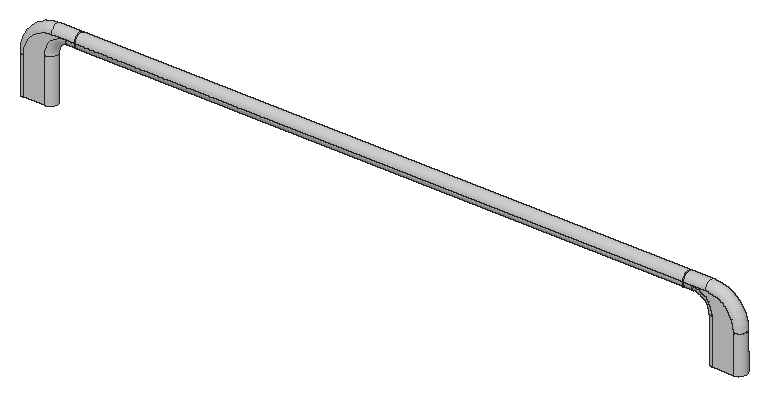
Revit family "CONTURA II SINGLE TOWEL RAIL 825MM", category Specialty Equipment, host Face, Revit 2020
Family settings
  Host = Face
  Round Connector Dimension = Use Radius
  Part Type = Normal
  OmniClass Number = 23.40.20.21.27
  OmniClass Title = Towel Bars
  Cut with Voids When Loaded = No
  Shared = No
  Room Calculation Point = No
Parameters (values of type "CONTURA II SINGLE TOWEL RAIL 825MM - CHROME")
  URL = "https://www.caroma.com.au/"
  Model = "849034C"
  Material_Base = GWA_Metal-Chrome
  Manufacturer = "GWA Bathrooms & Kitchens"  # constant formula
  Description = "CONTURA II SINGLE TOWEL RAIL 825MM - CHROME"
  Default Elevation = 1000 mm
  CreatedBy_ANZRS = "GWA Bathrooms & Kitchens"  # constant formula
  Assembly Code = "C1030220"
Types (6, lengths in mm): name | Model | Material_Base | Description
  (no name) | "849034C" | GWA_Metal-Chrome | "CONTURA II SINGLE TOWEL RAIL 825MM - CHROME"
  CONTURA II SINGLE TOWEL RAIL 825MM - CHROME | "849034C" | GWA_Metal-Chrome | "CONTURA II SINGLE TOWEL RAIL 825MM - CHROME"
  CONTURA II SINGLE TOWEL RAIL 825MM - MATTE BLACK | "849034B" | GWA-Metal-Black | "CONTURA II SINGLE TOWEL RAIL 825MM - MATTE BLACK"
  CONTURA II SINGLE TOWEL RAIL 825MM - BRUSHED BRASS | "849034BB" | GWA_Metal-Brushed-Brass | "CONTURA II SINGLE TOWEL RAIL 825MM - BRUSHED BRASS"
  CONTURA II SINGLE TOWEL RAIL 825MM - BRUSHED BRONZE | "849034BBZ" | GWA_Metal-Brushed-Bronze | "CONTURA II SINGLE TOWEL RAIL 825MM - BRUSHED BRONZE"
  CONTURA II SINGLE TOWEL RAIL 825MM - BRUSHED NICKEL | "849034BN" | GWA_Metal-Brushed-Nickel | "CONTURA II SINGLE TOWEL RAIL 825MM - BRUSHED NICKEL"
Reference planes
  plane 1 "Center (Front/Back)": y = 0
  plane 2: z = 0
  plane 3 "Center (Left/Right)": x = 0
  plane 4 "Rail": z = 75
Forms (mm)
  Extrusion 1, solid, material "GWA_Metal-Chrome" <- "Material_Base"
    sketch origin (392.5, 0, -8) x (1, 0, 0) y (0, 0, 1)
      loop
        arc (-36, 75) -> (-24.686, 70.314) -> (-20, 59) r 16
        line (-20, 59) -> (-20, 8) -> (20, 8) -> (20, 51)
        arc (20, 51) -> (8.284, 79.284) -> (-20, 91) r 40
        line (-20, 91) -> (-46, 91) -> (-46, 75) -> (-36, 75)
    from -8 to 8
  Sweep 2, void
    path origin (392.5, 0, -8) x (1, 0, 0) y (0, 0, 1)
      loop
        line (-46, 91) -> (-20, 91)
        arc (-20, 91) -> (8.284, 79.284) -> (20, 51) r 40
        line (20, 51) -> (20, 8)
    profile origin (412.5, 0, 21.5) x (0, -1, 0) y (1, 0, 0)
      loop
        line (8, -8) -> (10, -8) -> (10, 2) -> (-10, 2) -> (-10, -8) -> (-8, -8)
        arc (-8, -8) -> (0, 0) -> (8, -8) r 8
  Sweep 3, void
    path origin (392.5, 0, -8) x (1, 0, 0) y (0, 0, 1)
      loop
        line (-46, 75) -> (-36, 75)
        arc (-36, 75) -> (-24.686, 70.314) -> (-20, 59) r 16
        line (-20, 59) -> (-20, 8)
    profile origin (372.5, 0, 25.5) x (0, -1, 0) y (1, 0, 0)
      loop
        arc (8, 8) -> (0, 0) -> (-8, 8) r 8
        line (-8, 8) -> (-10, 8) -> (-10, -2) -> (10, -2) -> (10, 8) -> (8, 8)
  Sweep 4, solid, material "GWA_Metal-Chrome" <- "Material_Base"
    path origin (0, 0, 75) x (0, -1, 0) y (1, 0, 0)
      loop
        line (0, 346.5) -> (0, -346.5)
    profile origin (0, 0, 75) x (0, -1, 0) y (0, 0, 1)
      loop
        circle (0, 0) r 8
  Extrusion 5, solid, material "GWA_Metal-Chrome" <- "Material_Base"
    sketch origin (-392.5, 0, -8) x (-1, 0, 0) y (0, 0, -1)
      loop
        line (-36, -75) -> (-46, -75) -> (-46, -91) -> (-20, -91)
        arc (-20, -91) -> (8.284, -79.284) -> (20, -51) r 40
        line (20, -51) -> (20, -8) -> (-20, -8) -> (-20, -59)
        arc (-20, -59) -> (-24.686, -70.314) -> (-36, -75) r 16
    from -8 to 8
  Sweep 6, void
    path origin (-392.5, 0, -8) x (-1, 0, 0) y (0, 0, 1)
      loop
        line (-46, 91) -> (-20, 91)
        arc (-20, 91) -> (8.284, 79.284) -> (20, 51) r 40
        line (20, 51) -> (20, 8)
    profile origin (-412.5, 0, 21.5) x (0, -1, 0) y (1, 0, 0)
      loop
        arc (8, 8) -> (0, 0) -> (-8, 8) r 8
        line (-8, 8) -> (-10, 8) -> (-10, -2) -> (10, -2) -> (10, 8) -> (8, 8)
  Sweep 7, void
    path origin (-392.5, 0, -8) x (-1, 0, 0) y (0, 0, 1)
      loop
        line (-46, 75) -> (-36, 75)
        arc (-36, 75) -> (-24.686, 70.314) -> (-20, 59) r 16
        line (-20, 59) -> (-20, 8)
    profile origin (-372.5, 0, 25.5) x (0, -1, 0) y (1, 0, 0)
      loop
        line (8, -8) -> (10, -8) -> (10, 2) -> (-10, 2) -> (-10, -8) -> (-8, -8)
        arc (-8, -8) -> (0, 0) -> (8, -8) r 8
Cuts and joins
  Sweep 2, Sweep 3, Sweep 6, Sweep 7 cuts Extrusion 1
  Sweep 6, Sweep 7 cuts Extrusion 5
Lines and regions (mm)
  Masking region 1
    outline origin (300, 0, 0) x (0, 1, 0) y (0, 0, 1)
      loop
        line (-8, 0) -> (8, 0) -> (8, 83)
        arc (8, 83) -> (0, 91) -> (-8, 83) r 8
        line (-8, 83) -> (-8, 0)
  Masking region 2
    outline origin (0, 0, 75) x (0, -1, 0) y (1, 0, 0)
      loop
        arc (-8, -404.5) -> (0, -412.5) -> (8, -404.5) r 8
        line (8, -404.5) -> (8, 404.5)
        arc (8, 404.5) -> (0, 412.5) -> (-8, 404.5) r 8
        line (-8, 404.5) -> (-8, -404.5)
  Masking region 3
    outline origin (0, 0, 0) x (1, 0, 0) y (0, 0, 1)
      loop
        line (412.5, 0) -> (412.5, 43)
        arc (412.5, 43) -> (400.784, 71.284) -> (372.5, 83) r 40
        line (372.5, 83) -> (-372.5, 83)
        arc (-372.5, 83) -> (-400.784, 71.284) -> (-412.5, 43) r 40
        line (-412.5, 43) -> (-412.5, 0) -> (-372.5, 0) -> (-372.5, 51)
        arc (-372.5, 51) -> (-367.814, 62.314) -> (-356.5, 67) r 16
        line (-356.5, 67) -> (356.5, 67)
        arc (356.5, 67) -> (367.814, 62.314) -> (372.5, 51) r 16
        line (372.5, 51) -> (372.5, 0) -> (412.5, 0)
  symbolic lines
    curve 1: line (-404.5, 8, 75) -> (404.5, 8, 75)
    curve 2: arc (404.5, 8, 75) -> (412.5, 0, 75) -> (404.5, -8, 75) r 8
    curve 3: line (404.5, -8, 75) -> (-404.5, -8, 75)
    curve 4: line (346.5, 8, 75) -> (346.5, -8, 75)
    curve 5: line (300, -8, 0) -> (300, 8, 0)
    curve 6: line (300, 8, 0) -> (300, 8, 83)
    curve 7: arc (300, 8, 83) -> (300, 0, 91) -> (300, -8, 83) r 8
    curve 8: line (300, -8, 83) -> (300, -8, 0)
    curve 9: arc (-404.5, 8, 75) -> (-412.5, 0, 75) -> (-404.5, -8, 75) r 8
    curve 10: line (-346.5, 8, 75) -> (-346.5, -8, 75)
    curve 11: line (412.5, 0, 0) -> (372.5, 0, 0)
    curve 12: line (372.5, 0, 0) -> (372.5, 0, 51)
    curve 13: line (412.5, 0, 0) -> (412.5, 0, 43)
    curve 14: line (-372.5, 0, 83) -> (372.5, 0, 83)
    curve 15: line (356.5, 0, 67) -> (-356.5, 0, 67)
    curve 16: line (346.5, 0, 67) -> (346.5, 0, 83)
    curve 17: arc (372.5, 0, 51) -> (367.814, 0, 62.314) -> (356.5, 0, 67) r 16
    curve 18: arc (412.5, 0, 43) -> (400.784, 0, 71.284) -> (372.5, 0, 83) r 40
    curve 19: line (-412.5, 0, 0) -> (-372.5, 0, 0)
    curve 20: line (-372.5, 0, 0) -> (-372.5, 0, 51)
    curve 21: line (-412.5, 0, 0) -> (-412.5, 0, 43)
    curve 22: line (-346.5, 0, 67) -> (-346.5, 0, 83)
    curve 23: arc (-372.5, 0, 51) -> (-367.814, 0, 62.314) -> (-356.5, 0, 67) r 16
    curve 24: arc (-412.5, 0, 43) -> (-400.784, 0, 71.284) -> (-372.5, 0, 83) r 40
Dimensions and locks
  Extrusion 1 sketch curve to Extrusion 1 sketch curve = 40 mm  (x2)
  Extrusion 5 sketch curve to Extrusion 5 sketch curve = 40 mm  (x2)
  aligned and locked: plane 2 to host face
  aligned and locked: level to host face
